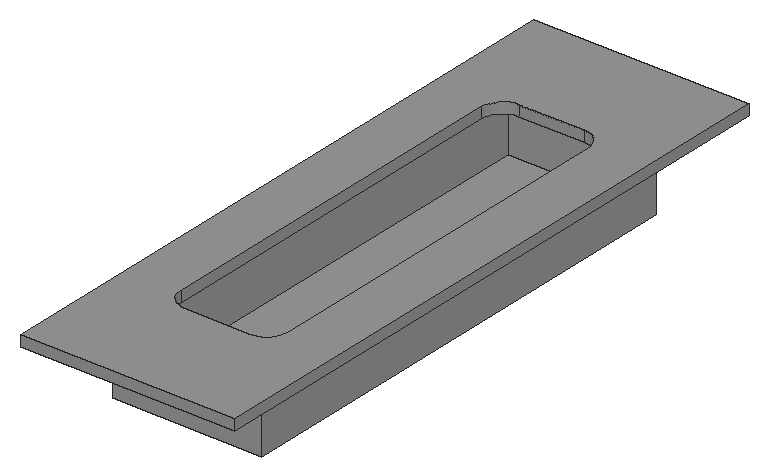
Revit family "ALMA-Sachi_Square_Flush_Pull", category Specialty Equipment, host Face, Revit 2026
Family settings
  Host = Face
  Round Connector Dimension = Use Diameter
  Part Type = Normal
  Enable Cutting in Views = Yes
  Cut with Voids When Loaded = Yes
  Maintain Annotation Orientation = No
  Shared = No
  Room Calculation Point = No
Parameters (values of type "BRUSHED ANTIQUE BRASS (DFPSVB05)")
  Width = 40 mm
  Material = BM_ANTIQUE BRASS
  Length = 120 mm
  Depth = 14.5 mm
  Default Elevation = 1219.2 mm
Types (6, lengths in mm): name | Material
  (no name) | BM_ANTIQUE BRASS
  BRUSHED ANTIQUE BRASS (DFPSVB05) | BM_ANTIQUE BRASS
  BRUSHED NICKEL (DFPSBN04) | BM_NICKEL
  BRUSHED BRASS GOLD (DSFPGD02) | BM_BRASS GOLD
  MATTE BLACK (DFPSMB01) | BM_MATTE BLACK
  BRUSHED GUNMETAL (DFPSGM03) | BM_GUNMETAL
Reference planes
  plane 1 "Center (Front/Back)": y = 0
  plane 2: z = 0
  plane 3 "Center (Left/Right)": x = 0
  plane 4: y = 46
  plane 5: y = -46
  plane 6: x = -14
  plane 7: x = 14
  plane 8: y = 60
  plane 9: y = -60
  plane 10: x = -20
  plane 11: x = 20
  plane 12: z = 2
  plane 13: z = -12.5
  plane 14: y = 38.974
  plane 15: y = -38.974
  plane 16: x = -9.991
  plane 17: x = 9.991
Forms (mm)
  Extrusion 1, void
    sketch origin (0, 0, 0) x (1, 0, 0) y (0, 1, 0)
      loop
        line (-14, 46) -> (-14, -46) -> (14, -46) -> (14, 46) -> (-14, 46)
    from -12.5 to 0
  Extrusion 2, solid, material "BM_ANTIQUE BRASS" <- "Material"
    sketch origin (0, 0, 0) x (1, 0, 0) y (0, 1, 0)
      loop
        line (-20, 60) -> (-20, -60) -> (20, -60) -> (20, 60) -> (-20, 60)
      loop
        arc (-6.009, 39.026) -> (-8.837, 37.855) -> (-10.009, 35.026) r 4
        line (-10.009, 35.026) -> (-10.009, -34.974)
        arc (-10.009, -34.974) -> (-8.837, -37.802) -> (-6.009, -38.974) r 4
        line (-6.009, -38.974) -> (5.991, -38.974)
        arc (5.991, -38.974) -> (8.82, -37.802) -> (9.991, -34.974) r 4
        line (9.991, -34.974) -> (9.991, 35.026)
        arc (9.991, 35.026) -> (8.82, 37.855) -> (5.991, 39.026) r 4
        line (5.991, 39.026) -> (-6.009, 39.026)
    from 0 to 2
  Extrusion 3, solid, material "BM_ANTIQUE BRASS" <- "Material"
    sketch origin (0, 0, 0) x (1, 0, 0) y (0, 1, 0)
      loop
        line (-14, 46) -> (-14, -46) -> (14, -46) -> (14, 46) -> (-14, 46)
      loop
        line (-12.5, 44.5) -> (-12.5, -44.5) -> (12.5, -44.5) -> (12.5, 44.5) -> (-12.5, 44.5)
    from -11 to 0
  Extrusion 4, solid, material "BM_ANTIQUE BRASS" <- "Material"
    sketch origin (-93.151, -4572, -12.5) x (-1, 0, 0) y (0, -1, 0)
      loop
        line (-79.151, -4618) -> (-79.151, -4526) -> (-107.151, -4526) -> (-107.151, -4618) -> (-79.151, -4618)
    from 0 to 1.5
Cuts and joins
  joined: Extrusion 3, Extrusion 4
Text (mm)
  text "Refer to www.buildmat.com.au for the most current product literature. \nAllow a +/- 5mm tolerance for dimensions shown in the product literature. \nPlease note product details are subject to change due to ongoing product development." at (1.508, -229.383, 0), in view "Ref. Level"
Dimensions and locks
  "Length": plane 8 to plane 9
  "Width": plane 10 to plane 11
  equal spacing: plane 8, plane 1 "Center (Front/Back)", plane 9
  plane 14 to plane 15 = 77.948 mm
  equal spacing: plane 14, plane 1 "Center (Front/Back)", plane 15
  equal spacing: plane 10, plane 3 "Center (Left/Right)", plane 11
  plane 16 to plane 17 = 19.983 mm
  equal spacing: plane 16, plane 3 "Center (Left/Right)", plane 17
  "Depth": plane 12 to plane 13
  plane 12 to host face = 2 mm
  plane 5 to plane 4 = 92 mm
  plane 9 to plane 8 = 120 mm
  aligned and locked: plane 2 to host face
  aligned and locked: level to host face
Automatic sketch dimensions
  host sketch curve to host sketch curve = 438.4 mm  (x2)
  plane 5 to Extrusion 1 sketch curve = 0 mm
  Extrusion 1 sketch curve to plane 6 = 0 mm
  Extrusion 1 sketch curve to plane 7 = 0 mm
  Extrusion 1 sketch curve to plane 4 = 0 mm
  plane 9 to Extrusion 2 sketch curve = 0 mm
  Extrusion 2 sketch curve to plane 10 = 0 mm
  Extrusion 2 sketch curve to plane 8 = 0 mm
  Extrusion 2 sketch curve to plane 11 = 0 mm
  plane 6 to Extrusion 2 sketch curve = 3.991 mm
  Extrusion 2 sketch curve to Extrusion 2 sketch curve = 4 mm  (x3)
  plane 3 "Center (Left/Right)" to Extrusion 2 sketch curve = 5.991 mm  (x2)
  Extrusion 2 sketch curve to plane 5 = 7.026 mm
  Extrusion 2 sketch curve to plane 4 = 10.974 mm
  plane 5 to Extrusion 3 sketch curve = 0 mm
  Extrusion 3 sketch curve to plane 6 = 0 mm
  Extrusion 3 sketch curve to plane 7 = 0 mm
  Extrusion 3 sketch curve to plane 4 = 0 mm
  plane 6 to Extrusion 3 sketch curve = 1.5 mm
  plane 7 to Extrusion 3 sketch curve = 1.5 mm
  Extrusion 3 sketch curve to plane 5 = 1.5 mm
  Extrusion 3 sketch curve to plane 4 = 1.5 mm
  Extrusion 4 sketch curve to plane 4 = 0 mm
  Extrusion 4 sketch curve to plane 7 = 0 mm
  plane 5 to Extrusion 4 sketch curve = 0 mm
  Extrusion 4 sketch curve to plane 6 = 0 mm
